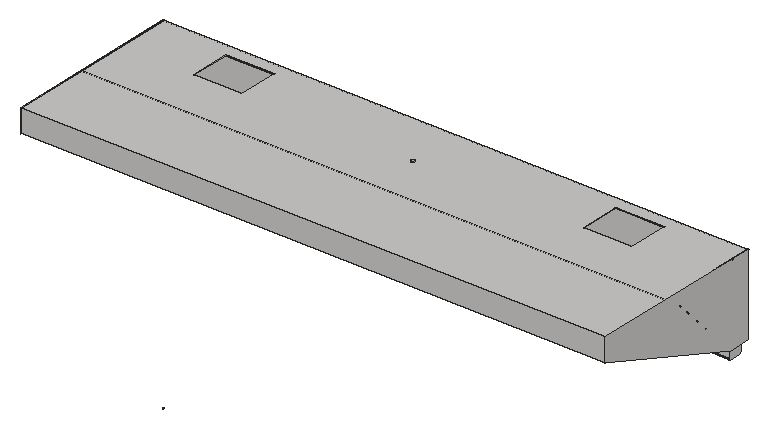
Revit family "QF_ELECTROLUXPROFESSIONAL_644197_AMPV1136BT", category Attrezzature speciali, Revit 2021
Family settings
  Quota connettore circolare = Usa diametro
  Tipo di parte = Normale
  Basato su piano di lavoro = No
  Sempre verticale = Sì
  Taglio con vuoti quando caricato = No
  Condiviso = No
  Punto di calcolo locali = No
Parameters (values of type "Standard")
  Weight = 114.00 kg
  Watts = 840 W
  Volts = 220 V
  URL Manufacturer = "https://www.electroluxprofessional.com/"
  URL = "https://www.electroluxprofessional.com/"
  Steam Supply Size = 0 mm
  Steam Supply Minimum Pressure = 0.0 Pa
  Steam Supply Maximum Pressure = 0.0 Pa
  Steam Consumption per Hour = 0
  Refrigeration Suction Line Size = 0 mm
  Refrigeration Liquid Line Size = 0 mm
  Refrigerant Compressor Remote = yes
  Prospetto di default = 0 mm
  Produttore = "Electrolux Professional"
  Phase = 1
  Modello = "AMPV1136BT"
  Length Actual = 3600 mm  # constant formula
  Item Number = "644197"
  Hot Water Size = 0 mm
  Height Actual = 500 mm  # constant formula
  HP = "1.1 HP"
  Gas Size = 0 mm
  Gas KW = 0
  Gas Input Pressure = 0 W
  Direct Waste Size = 0 mm
  Descrizione = "430 S/S WALL HOOD+FILTERS+FAN 3600X1100"
  Depth Actual = 1100 mm  # constant formula
  Cycle = 50 Hz
  Condensate Return Size = 0 mm
  Compressed Air Volume = 0.0 L/s
  Compressed Air Size = 0 mm
  Compressed Air Pressure = 0.0 Pa
  Cold Water Size = 0 mm
  Accessory = yes
Reference planes
  plane 1 "Center (Front/Back)": y = 0
  plane 2: z = 0
  plane 3 "Center (Left/Right)": x = 150
  plane 4 "LEFT": x = -1650
  plane 5 "RIGHT": x = 1950
  plane 6 "BACK": y = 550
  plane 7 "FRONT": y = -550
  plane 8 "Plane": z = 2000
  plane 9 "TOP": z = 2140
  plane 10 "Base": z = 1640
  plane 11: z = 1566
  plane 12 "DrainY": y = 485
  plane 13: x = -1647
  plane 14: through (0, 414.509, 1640.8) normal (0, 0.7314, 0.682)
  plane 15: y = 470
  plane 16: y = 220
  plane 17 "DrainX": x = 1830
  plane 18: x = -900
  plane 19: x = 1200
  plane 20: x = -1200
  plane 21: x = 1500
  plane 22: x = 1947
  plane 23: x = 1740
  plane 24: x = 1920
  plane 25: x = -1610
  plane 26: x = -1245
  plane 27: x = -850
  plane 28: x = 1910
  plane 29: x = 1545
  plane 30: x = 1150
  plane 31: x = -47.5
  plane 32: x = 347.5
Forms (mm)
  Extrusion 1, solid, material "QF_Finishes_Stainless Steel"
    sketch origin (-1650, 0, 0) x (0, 1, 0) y (0, 0, 1)
      loop
        line (550, 1640) -> (550, 2140) -> (-550, 2140) -> (-550, 1999.112) -> (413.973, 1640) -> (550, 1640)
    from 0 to 3
  Extrusion 2, solid, material "QF_Finishes_Stainless Steel"
    sketch origin (150, 0, 0) x (0, 1, 0) y (0, 0, 1)
      loop
        line (415.255, 1640) -> (550, 1640) -> (550, 2139.19) -> (549.2, 2139.19) -> (549.2, 1640.8) -> (415.876, 1640.8) -> (339.347, 1722.867) -> (349.609, 1732.436) -> (348.927, 1733.167) -> (337.934, 1722.917) -> (415.255, 1640)
      loop
        line (-82.203, 2139.19) -> (-82.203, 2118.6) -> (-31.047, 2118.6) -> (34.354, 2048.466) -> (46.028, 2059.352) -> (45.346, 2060.083) -> (34.403, 2049.879) -> (-30.612, 2119.6) -> (-81.203, 2119.6) -> (-81.203, 2139.19) -> (-82.203, 2139.19)
    from -1797 to 1797
  Extrusion 3, solid, material "QF_Finishes_Stainless Steel"
    sketch origin (1950, 0, 0) x (0, 1, 0) y (0, 0, 1)
      loop
        line (550, 1640) -> (550, 2140) -> (-550, 2140) -> (-550, 1999.112) -> (413.973, 1640) -> (550, 1640)
    from 0 to -3
  Extrusion 4, solid, material "QF_Finishes_Stainless Steel"
    sketch origin (150, 0, 0) x (0, 1, 0) y (0, 0, 1)
      loop
        line (-550, 2140) -> (-550, 2000) -> (-549.2, 2000) -> (-549.2, 2139.19) -> (550, 2139.19) -> (550, 2140) -> (-550, 2140)
    from -1800 to 1800
  Extrusion 5, solid, material "QF_Finishes_Stainless Steel"
    sketch origin (150, 0, 0) x (0, 1, 0) y (0, 0, 1)
      loop
        line (534, 1640) -> (436, 1640) -> (436, 1627) -> (443.5, 1627) -> (443.5, 1576)
        arc (443.5, 1576) -> (446.429, 1568.929) -> (453.5, 1566) r 10
        line (453.5, 1566) -> (516.5, 1566)
        arc (516.5, 1566) -> (523.571, 1568.929) -> (526.5, 1576) r 10
        line (526.5, 1576) -> (526.5, 1627) -> (534, 1627) -> (534, 1640)
    from 1590 to 1770
  Extrusion 6, solid, material "QF_Finishes_Stainless Steel"
    sketch origin (0, 0, 1640) x (0, 1, 0) y (-1, 0, 0)
      loop
        circle (485, -1830) r 20
    from -76 to -74
  Extrusion 7, solid, material "QF_Finished_Chrome"
    sketch origin (150, 0, 0) x (0, 1, 0) y (0, 0, 1)
      loop
        line (337.934, 1722.917) -> (341.591, 1726.327) -> (38.011, 2051.876) -> (34.354, 2048.466) -> (337.934, 1722.917)
    from -1395 to -1760
  Extrusion 8, solid, material "QF_Finished_Chrome"
    sketch origin (150, 0, 0) x (0, 1, 0) y (0, 0, 1)
      loop
        line (337.934, 1722.917) -> (341.591, 1726.327) -> (38.011, 2051.876) -> (34.354, 2048.466) -> (337.934, 1722.917)
    from -197.5 to -1000
  Extrusion 9, solid, material "QF_Finishes_Stainless Steel"
    sketch origin (150, 0, 0) x (0, 1, 0) y (0, 0, 1)
      loop
        line (337.934, 1722.917) -> (341.591, 1726.327) -> (38.011, 2051.876) -> (34.354, 2048.466) -> (337.934, 1722.917)
    from 1797 to 1760
  Extrusion 10, solid, material "QF_Finishes_Stainless Steel"
    sketch origin (150, 0, 0) x (0, 1, 0) y (0, 0, 1)
      loop
        line (341.588, 1726.324) -> (38.009, 2051.874) -> (34.354, 2048.466) -> (337.934, 1722.917) -> (341.588, 1726.324)
    from -1395 to -1000
  Extrusion 11, solid, material "QF_Finished_Chrome"
    sketch origin (150, 0, 0) x (0, 1, 0) y (0, 0, 1)
      loop
        line (341.588, 1726.324) -> (38.009, 2051.874) -> (34.354, 2048.466) -> (337.934, 1722.917) -> (341.588, 1726.324)
    from 1395 to 1760
  Extrusion 12, void
    sketch origin (0, 0, 2140) x (0, 1, 0) y (-1, 0, 0)
      loop
        line (470, 1200) -> (220, 1200) -> (220, 900) -> (470, 900) -> (470, 1200)
    from 0 to -10
  Extrusion 13, void
    sketch origin (940, 0, 2140) x (0, 1, 0) y (-1, 0, 0)
      loop
        line (470, -260) -> (220, -260) -> (220, -560) -> (470, -560) -> (470, -260)
    from 0 to -10
  Extrusion 14, solid, material "QF_Finishes_Stainless Steel"
    sketch origin (0, 0, 0) x (1, 0, 0) y (0, 1, 0)
      loop
        line (-1650, 550) -> (-1650, 549) -> (-1649, 549) -> (-1649, 550) -> (-1650, 550)
    from 0 to 1
  Extrusion 15, solid, material "QF_Finishes_Stainless Steel"
    sketch origin (150, 0, 0) x (0, 1, 0) y (0, 0, 1)
      loop
        line (337.934, 1722.917) -> (341.591, 1726.327) -> (38.011, 2051.876) -> (34.354, 2048.466) -> (337.934, 1722.917)
    from -1760 to -1797
  Extrusion 16, solid, material "QF_Finishes_Stainless Steel"
    sketch origin (150, 0, 0) x (0, 1, 0) y (0, 0, -1)
      loop
        line (341.588, -1726.324) -> (337.934, -1722.917) -> (34.354, -2048.466) -> (38.009, -2051.874) -> (341.588, -1726.324)
    from -1395 to -1000
  Extrusion 17, solid, material "QF_Finished_Chrome"
    sketch origin (150, 0, 0) x (0, 1, 0) y (0, 0, 1)
      loop
        line (337.934, 1722.917) -> (341.591, 1726.327) -> (38.011, 2051.876) -> (34.354, 2048.466) -> (337.934, 1722.917)
    from 1000 to 197.5
  Extrusion 18, solid, material "QF_Finishes_Stainless Steel"
    sketch origin (150, 0, 0) x (0, 1, 0) y (0, 0, -1)
      loop
        line (341.588, -1726.324) -> (337.934, -1722.917) -> (34.354, -2048.466) -> (38.009, -2051.874) -> (341.588, -1726.324)
    from -197.5 to 197.5
  Extrusion 19, solid, material "QF_Finishes_Stainless Steel"
    sketch origin (0, 0, 2140) x (0, 1, 0) y (-1, 0, 0)
      loop
        circle (220, -150) r 10
    from 0 to 1.6
Cuts and joins
  Extrusion 12, Extrusion 13 cuts Extrusion 4
  joined: Extrusion 2, Extrusion 4
Lines and regions (mm)
  reference lines
    curve 1: line (150, 34.354, 2048.466) -> (150, 34.354, 1888.466)
  symbolic lines, style "SpecialityEquipment", detail levels coarse
    curve 2: line (1950, 550, 2140) -> (-1650, 550, 2140)
    curve 3: line (-1650, 550, 2140) -> (-1650, -550, 2140)
    curve 4: line (1950, -550, 2140) -> (1950, 550, 2140)
    curve 5: line (-1650, -550, 2140) -> (1950, -550, 2140)
    curve 6: line (-1200, 220, 2140) -> (-900, 220, 2140)
    curve 7: line (-1200, 470, 2140) -> (-1200, 220, 2140)
    curve 8: line (-900, 470, 2140) -> (-1200, 470, 2140)
    curve 9: line (-900, 220, 2140) -> (-900, 470, 2140)
    curve 10: line (1200, 470, 2140) -> (1200, 220, 2140)
    curve 11: line (1200, 220, 2140) -> (1500, 220, 2140)
    curve 12: line (1500, 470, 2140) -> (1200, 470, 2140)
    curve 13: line (1500, 220, 2140) -> (1500, 470, 2140)
    curve 14: line (-1650, -550, 0) -> (1950, 550, 0)
    curve 15: line (1950, -550, 0) -> (-1650, 550, 0)
Dimensions and locks
  plane 4 "LEFT" to plane 5 "RIGHT" = 3600 mm
  equal spacing: plane 4 "LEFT", plane 3 "Center (Left/Right)", plane 5 "RIGHT"
  locked: plane 8 "Plane" to level at 2000
  plane 9 "TOP" to plane 8 "Plane" = 140 mm
  locked: plane 9 "TOP" to plane 10 "Base" at 500
  plane 10 "Base" to plane 11 = 74 mm
  plane 6 "BACK" to plane 12 "DrainY" = 65 mm  (x2)
  plane 4 "LEFT" to plane 13 = 3 mm
  plane 6 "BACK" to plane 15 = 80 mm
  plane 15 to plane 16 = 250 mm  (x2)
  plane 17 "DrainX" to plane 5 "RIGHT" = 120 mm
  locked: plane 18 to plane 19 at 2100
  equal spacing: plane 18, plane 3 "Center (Left/Right)", plane 19
  plane 20 to plane 18 = 300 mm
  plane 19 to plane 21 = 300 mm
  plane 22 to plane 5 "RIGHT" = 3 mm
  locked: plane 23 to plane 17 "DrainX" at 90
  locked: plane 17 "DrainX" to plane 24 at 90
  plane 6 "BACK" to plane 7 "FRONT" = 1100 mm  (x2)
  equal spacing: plane 6 "BACK", plane 1 "Center (Front/Back)", plane 7 "FRONT"
  plane 16 to plane 7 "FRONT" = 770 mm
  plane 15 to plane 6 "BACK" = 80 mm
  locked: plane 4 "LEFT" to plane 25 at 40
  locked: plane 25 to plane 26 at 365
  locked: plane 26 to plane 27 at 395
  locked: plane 28 to plane 29 at 365
  locked: plane 29 to plane 30 at 395
  locked: plane 28 to plane 5 "RIGHT" at 40
  locked: plane 31 to plane 32 at 395
  equal spacing: plane 31, plane 3 "Center (Left/Right)", plane 32
  plane 27 to plane 31 = 802.5 mm
  plane 32 to plane 30 = 802.5 mm
  aligned and locked: level to plane 2
  aligned and locked: Extrusion 2 to Extrusion 1
  aligned and locked: Extrusion 2 to Extrusion 3
  aligned and locked: plane 5 "RIGHT" to Extrusion 4
  aligned and locked: Extrusion 4 to plane 4 "LEFT"
  aligned and locked: plane 22 to Extrusion 9
  aligned and locked: plane 20 to Extrusion 12
  aligned and locked: Extrusion 12 to plane 18
  aligned and locked: Extrusion 12 to plane 16
  aligned and locked: Extrusion 12 to plane 15
  aligned and locked: Extrusion 13 to plane 21
  aligned and locked: plane 19 to Extrusion 13
  aligned and locked: Extrusion 2 to Extrusion 4
  aligned and locked: plane 24 to Extrusion 5
  aligned and locked: Extrusion 5 to plane 23
  aligned and locked: Extrusion 9 to plane 28
  aligned and locked: Extrusion 11 to plane 28
  aligned and locked: Extrusion 11 to plane 29
  aligned and locked: Extrusion 8 to plane 27
  aligned and locked: plane 27 to Extrusion 10
  aligned and locked: Extrusion 10 to plane 26
  aligned and locked: plane 26 to Extrusion 7
  aligned and locked: Extrusion 7 to plane 25
  aligned and locked: Extrusion 15 to plane 13
  aligned and locked: plane 25 to Extrusion 15
  aligned and locked: Extrusion 16 to plane 30
  aligned and locked: Extrusion 16 to plane 29
  aligned and locked: Extrusion 3 to plane 22
  aligned and locked: plane 31 to Extrusion 8
  aligned and locked: Extrusion 17 to plane 30
  aligned and locked: Extrusion 17 to plane 32
  aligned and locked: plane 32 to Extrusion 18
  aligned and locked: Extrusion 18 to plane 31
Automatic sketch dimensions
  curve 5 to plane 4 "LEFT" = 0 mm
  curve 5 to plane 7 "FRONT" = 0 mm
  curve 9 to plane 16 = 0 mm
  curve 10 to plane 16 = 0 mm
  plane 15 to curve 8 = 0 mm
  plane 15 to curve 12 = 0 mm
  curve 3 to plane 6 "BACK" = 0 mm
  curve 5 to plane 5 "RIGHT" = 0 mm
  curve 11 to plane 21 = 0 mm
  curve 10 to plane 19 = 0 mm
  curve 6 to plane 18 = 0 mm
  curve 6 to plane 20 = 0 mm
  Extrusion 1 sketch curve to plane 7 "FRONT" = 0 mm
  Extrusion 1 sketch curve to plane 10 "Base" = 0 mm
  Extrusion 1 sketch curve to plane 6 "BACK" = 0 mm
  Extrusion 1 sketch curve to plane 9 "TOP" = 0 mm
  plane 15 to Extrusion 1 sketch curve = 56.027 mm
  Extrusion 1 sketch curve to plane 8 "Plane" = 0.888 mm
  Extrusion 2 sketch curve to plane 14 = 0 mm  (x3)
  Extrusion 2 sketch curve to plane 10 "Base" = 0 mm
  plane 14 to Extrusion 2 sketch curve = 0 mm
  Extrusion 2 sketch curve to plane 6 "BACK" = 0 mm
  Extrusion 2 sketch curve to Extrusion 2 sketch curve = 65.646 mm
  Extrusion 2 sketch curve to Extrusion 2 sketch curve = 0.682 mm  (x2)
  Extrusion 2 sketch curve to Extrusion 2 sketch curve = 10.261 mm
  plane 10 "Base" to Extrusion 2 sketch curve = 82.917 mm
  Extrusion 2 sketch curve to plane 1 "Center (Front/Back)" = 46.028 mm
  Extrusion 2 sketch curve to Extrusion 2 sketch curve = 10.942 mm
  Extrusion 2 sketch curve to Extrusion 2 sketch curve = 0.049 mm
  Extrusion 2 sketch curve to plane 9 "TOP" = 20.4 mm
  Extrusion 2 sketch curve to plane 9 "TOP" = 21.4 mm
  Extrusion 2 sketch curve to plane 9 "TOP" = 0.81 mm  (x2)
  Extrusion 2 sketch curve to Extrusion 2 sketch curve = 50.156 mm
  Extrusion 2 sketch curve to Extrusion 2 sketch curve = 1 mm
  plane 10 "Base" to Extrusion 2 sketch curve = 0.8 mm
  Extrusion 2 sketch curve to plane 6 "BACK" = 0.8 mm
  Extrusion 3 sketch curve to plane 7 "FRONT" = 0 mm
  Extrusion 3 sketch curve to plane 10 "Base" = 0 mm
  Extrusion 3 sketch curve to plane 6 "BACK" = 0 mm
  Extrusion 3 sketch curve to plane 9 "TOP" = 0 mm
  plane 15 to Extrusion 3 sketch curve = 56.027 mm
  Extrusion 3 sketch curve to plane 8 "Plane" = 0.888 mm
  Extrusion 4 sketch curve to plane 7 "FRONT" = 0 mm
  Extrusion 4 sketch curve to plane 8 "Plane" = 0 mm
  Extrusion 4 sketch curve to plane 6 "BACK" = 0 mm
  Extrusion 4 sketch curve to plane 9 "TOP" = 0 mm
  plane 7 "FRONT" to Extrusion 4 sketch curve = 0.8 mm
  Extrusion 4 sketch curve to plane 9 "TOP" = 0.81 mm
  curve 1 to plane 14 = 0 mm
  curve 1 to plane 1 "Center (Front/Back)" = 34.354 mm
  curve 1 to plane 8 "Plane" = 111.534 mm
  Extrusion 5 sketch curve to plane 10 "Base" = 0 mm
  Extrusion 5 sketch curve to plane 11 = 0 mm
  Extrusion 5 sketch curve to plane 10 "Base" = 13 mm  (x2)
  plane 15 to Extrusion 5 sketch curve = 34 mm
  Extrusion 5 sketch curve to Extrusion 5 sketch curve = 7.5 mm  (x2)
  Extrusion 5 sketch curve to Extrusion 5 sketch curve = 10 mm
  plane 12 "DrainY" to Extrusion 5 sketch curve = 31.5 mm
  Extrusion 5 sketch curve to plane 6 "BACK" = 23.5 mm
  Extrusion 6 sketch curve to plane 12 "DrainY" = 0 mm
  Extrusion 6 sketch curve to plane 17 "DrainX" = 0 mm
  Extrusion 7 sketch curve to plane 14 = 0 mm  (x2)
  Extrusion 7 sketch curve to plane 1 "Center (Front/Back)" = 34.354 mm
  Extrusion 7 sketch curve to Extrusion 7 sketch curve = 3.657 mm
  plane 10 "Base" to Extrusion 7 sketch curve = 82.917 mm
  Extrusion 8 sketch curve to plane 14 = 0 mm  (x2)
  Extrusion 8 sketch curve to plane 1 "Center (Front/Back)" = 34.354 mm
  Extrusion 8 sketch curve to Extrusion 8 sketch curve = 3.657 mm
  plane 10 "Base" to Extrusion 8 sketch curve = 82.917 mm
  Extrusion 9 sketch curve to plane 14 = 0 mm  (x2)
  Extrusion 9 sketch curve to plane 1 "Center (Front/Back)" = 34.354 mm
  Extrusion 9 sketch curve to Extrusion 9 sketch curve = 3.657 mm
  plane 10 "Base" to Extrusion 9 sketch curve = 82.917 mm
  Extrusion 10 sketch curve to plane 14 = 0 mm  (x2)
  Extrusion 10 sketch curve to plane 1 "Center (Front/Back)" = 34.354 mm
  Extrusion 10 sketch curve to Extrusion 10 sketch curve = 3.655 mm
  plane 10 "Base" to Extrusion 10 sketch curve = 82.917 mm
  Extrusion 11 sketch curve to plane 14 = 0 mm  (x2)
  Extrusion 11 sketch curve to plane 1 "Center (Front/Back)" = 34.354 mm
  Extrusion 11 sketch curve to Extrusion 11 sketch curve = 3.655 mm
  plane 10 "Base" to Extrusion 11 sketch curve = 82.917 mm
  Extrusion 12 sketch curve to plane 16 = 0 mm
  plane 15 to Extrusion 12 sketch curve = 0 mm
  Extrusion 12 sketch curve to plane 18 = 0 mm
  Extrusion 12 sketch curve to plane 20 = 0 mm
  Extrusion 13 sketch curve to plane 16 = 0 mm
  plane 15 to Extrusion 13 sketch curve = 0 mm
  Extrusion 13 sketch curve to plane 21 = 0 mm
  Extrusion 13 sketch curve to plane 19 = 0 mm
  Extrusion 14 sketch curve to plane 4 "LEFT" = 0 mm
  Extrusion 14 sketch curve to plane 6 "BACK" = 0 mm
  plane 4 "LEFT" to Extrusion 14 sketch curve = 1 mm
  Extrusion 14 sketch curve to Extrusion 14 sketch curve = 1 mm
  Extrusion 15 sketch curve to plane 14 = 0 mm  (x2)
  Extrusion 15 sketch curve to plane 1 "Center (Front/Back)" = 34.354 mm
  Extrusion 15 sketch curve to Extrusion 15 sketch curve = 3.657 mm
  plane 10 "Base" to Extrusion 15 sketch curve = 82.917 mm
  Extrusion 16 sketch curve to plane 14 = 0 mm  (x2)
  Extrusion 16 sketch curve to plane 1 "Center (Front/Back)" = 34.354 mm
  Extrusion 16 sketch curve to Extrusion 16 sketch curve = 3.655 mm
  plane 10 "Base" to Extrusion 16 sketch curve = 82.917 mm
  Extrusion 17 sketch curve to plane 14 = 0 mm  (x2)
  Extrusion 17 sketch curve to plane 1 "Center (Front/Back)" = 34.354 mm
  Extrusion 17 sketch curve to Extrusion 17 sketch curve = 3.657 mm
  plane 10 "Base" to Extrusion 17 sketch curve = 82.917 mm
  Extrusion 18 sketch curve to plane 14 = 0 mm  (x2)
  Extrusion 18 sketch curve to plane 1 "Center (Front/Back)" = 34.354 mm
  Extrusion 18 sketch curve to Extrusion 18 sketch curve = 3.655 mm
  plane 10 "Base" to Extrusion 18 sketch curve = 82.917 mm
  curve 15 to plane 4 "LEFT" = 0 mm
  curve 14 to plane 4 "LEFT" = 0 mm
  curve 15 to plane 5 "RIGHT" = 0 mm
  curve 14 to plane 5 "RIGHT" = 0 mm
  curve 15 to plane 7 "FRONT" = 0 mm
  curve 14 to plane 7 "FRONT" = 0 mm
  curve 15 to plane 6 "BACK" = 0 mm
  curve 14 to plane 6 "BACK" = 0 mm
  Extrusion 19 sketch curve to plane 3 "Center (Left/Right)" = 0 mm
  Extrusion 19 sketch curve to plane 16 = 0 mm
  radius of Extrusion 6 sketch curve = 20 mm
  radius of Extrusion 19 sketch curve = 10 mm
Connectors
  piping at (1830, 485, 1564), diameter 20
    settings: on Extrusion 6, index 1, connector inside diameter 609.6 mm, connector length 0 mm, flow factor 0, pipe flow 0.0 L/s, pressure drop 0.0 Pa, fitting loss kfactor 0, connector angle 0.00°, fixture units 0, engagement length 0 mm, angle of deflection 0.00°, flow configuration 1, flow direction 2, fitting loss method 0, system type 16, joint type 0, gender type 0, connector reference index -1, connector utility 0, adjustable connector no, is connector primary yes, connector description "Drain"
  hvac at (-1050, 345, 2140)
    settings: on Extrusion 12, index 2, duct flow 0.0 L/s, flow factor 0, pres drop 0.0 Pa, loss coef 0, conn angle 0.00°, conn width 250 mm, conn height 300 mm, conn diameter 609.6 mm, duct sys type 3, conn prof type 1, flow config 1, flow direction 2, loss method 0, conn ref index -1, conn util no, is conn primary yes, conn desc "EXHAUST OUTLET"
  hvac at (1350, 345, 2140)
    settings: on Extrusion 13, index 3, duct flow 0.0 L/s, flow factor 0, pres drop 0.0 Pa, loss coef 0, conn angle 0.00°, conn width 250 mm, conn height 300 mm, conn diameter 609.6 mm, duct sys type 3, conn prof type 1, flow config 1, flow direction 2, loss method 0, conn ref index -1, conn util no, is conn primary no, conn desc "EXHAUST OUTLET"
  electrical at (150, 220, 2140), driven by "Volts"
    settings: on Extrusion 19, index 4, voltage 220 V, apparent load 0 VA, apparent load phase1 0 VA, apparent load phase2 0 VA, apparent load phase3 0 VA, power factor 1, load classification "Other", number of poles 1, system type 30, power factor state 1, is connector primary yes, connector utility no, sub classification motor no, connector description "Electrical Connection"
